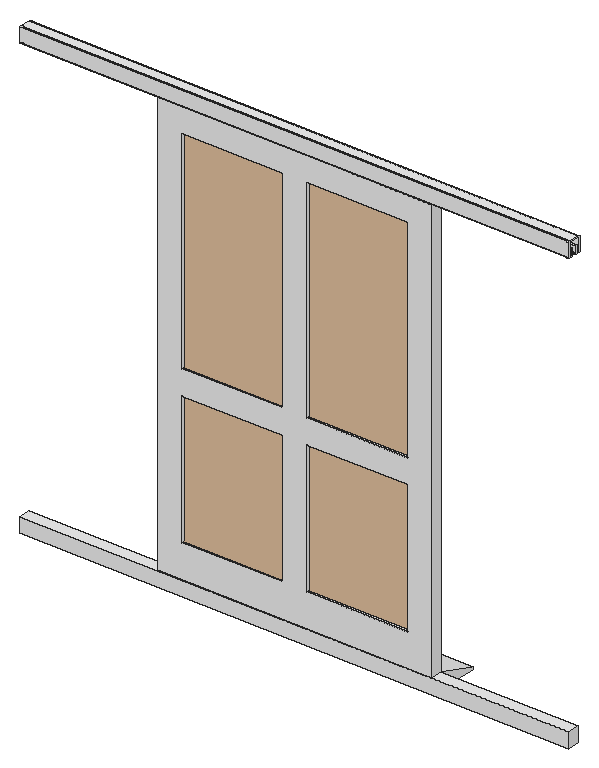
Revit family
Parameters
  Track = Steel
  Subcategory = "Barn Door"
  SmartBIM Object Version = 3  # constant formula
  SmartBIM Object Created By = "SMARTBIM, LLC"  # "Reed Construction Data"
  Slat Width = 0' - 2"
  Panel = Cherry Wood
  Manufacturer = "SMARTBIM"
  Half Width Of Door = Width / 2  # 2' - 6"
  Vertical Stile = 0' - 5 1/4"
  Top Rail = 0' - 5 1/4"
  Thickness = 0' - 0"
  Rough Height = 0' - 0"
  Interior Style and Rail = 0' - 5 1/4"
  Height = 8' - 0"
  Wall Closure = (empty or 0)
  Width = 5' - 0"
  Sliding Track Height = 0' - 3 9/32"
  Sliding Track Depth = 0' - 2 13/16"
  Function = (empty or 0)
  Frame = Steel
  Door Thickness = 0' - 2 1/4"
  Bottom Rail = 0' - 7 1/4"
  Slat Panel Thickness = 0' - 1 1/8"
  Assembly Code = "B2030230"
  95 CSI = "08000"
  04 CSI = "08 00 00"
Reference planes (in)
  plane 1 "Center (Front/Back)": y = -0.71972
  plane 2 "Center (Left/Right)": x = 0
  plane 3 "Left": x = -30
  plane 4 "Right": x = 30
  plane 5 "Top": z = 96
  plane 6: z = 10.53125
  plane 7: z = 90.75
  plane 8: x = 24.75
  plane 9: x = -24.75
  plane 10: z = 42
  plane 11: z = 44.625
  plane 12: z = 39.375
  plane 13: z = 99.28125
  plane 14: y = 5.09278
  plane 15: y = 2.28028
  plane 16: y = 4.53028
  plane 17: y = 3.40528
  plane 18: y = 2.84278
  plane 19: y = 3.96778
  plane 20: x = 60
  plane 21: x = -60
  plane 22: z = 3.28125
  plane 23: x = -12.375
  plane 24: x = 12.375
Forms (in)
  Extrusion 1, solid, material "Steel" <- "Frame"
    sketch origin (-38.33282, 3.40528, 48) x (-1, 0, 0) y (0, 0, 1)
      loop
        line (-68.33282, 48) -> (-68.33282, -44.71875) -> (-8.33282, -44.71875) -> (-8.33282, 48) -> (-68.33282, 48)
      loop
        line (-63.08282, 42.75) -> (-63.08282, -3.375) -> (-40.95782, -3.375) -> (-40.95782, 42.75) -> (-63.08282, 42.75)
      loop
        line (-13.58282, -3.375) -> (-13.58282, 42.75) -> (-35.70782, 42.75) -> (-35.70782, -3.375) -> (-13.58282, -3.375)
      loop
        line (-63.08282, -8.625) -> (-63.08282, -37.46875) -> (-40.95782, -37.46875) -> (-40.95782, -8.625) -> (-63.08282, -8.625)
      loop
        line (-13.58282, -37.46875) -> (-13.58282, -8.625) -> (-35.70782, -8.625) -> (-35.70782, -37.46875) -> (-13.58282, -37.46875)
    from -1.125 to 1.33711
  Extrusion 2, solid, material "Steel" <- "Track"
    sketch origin (-30, 0, 0) x (0, -1, 0) y (0, 0, 1)
      loop
        line (-5.09278, 99.15625) -> (-5.09278, 96.125)
        arc (-5.09278, 96.125) -> (-5.05617, 96.03661) -> (-4.96778, 96) r 0.125
        line (-4.96778, 96) -> (-4.34278, 96)
        arc (-4.34278, 96) -> (-4.25439, 96.03661) -> (-4.21778, 96.125) r 0.125
        line (-4.21778, 96.125) -> (-4.21778, 97.64533) -> (-4.34278, 97.64533) -> (-4.34278, 96.25)
        arc (-4.34278, 96.25) -> (-4.37939, 96.16161) -> (-4.46778, 96.125) r 0.125
        line (-4.46778, 96.125) -> (-4.84278, 96.125)
        arc (-4.84278, 96.125) -> (-4.93117, 96.16161) -> (-4.96778, 96.25) r 0.125
        line (-4.96778, 96.25) -> (-4.96778, 99.03125)
        arc (-4.96778, 99.03125) -> (-4.93117, 99.11964) -> (-4.84278, 99.15625) r 0.125
        line (-4.84278, 99.15625) -> (-2.53028, 99.15625)
        arc (-2.53028, 99.15625) -> (-2.44189, 99.11964) -> (-2.40528, 99.03125) r 0.125
        line (-2.40528, 99.03125) -> (-2.40528, 96.25)
        arc (-2.40528, 96.25) -> (-2.44189, 96.16161) -> (-2.53028, 96.125) r 0.125
        line (-2.53028, 96.125) -> (-2.90528, 96.125)
        arc (-2.90528, 96.125) -> (-2.99367, 96.16161) -> (-3.03028, 96.25) r 0.125
        line (-3.03028, 96.25) -> (-3.03028, 97.64533) -> (-3.15528, 97.64533) -> (-3.15528, 96.125)
        arc (-3.15528, 96.125) -> (-3.11867, 96.03661) -> (-3.03028, 96) r 0.125
        line (-3.03028, 96) -> (-2.40528, 96)
        arc (-2.40528, 96) -> (-2.31689, 96.03661) -> (-2.28028, 96.125) r 0.125
        line (-2.28028, 96.125) -> (-2.28028, 99.15625)
        arc (-2.28028, 99.15625) -> (-2.31689, 99.24464) -> (-2.40528, 99.28125) r 0.125
        line (-2.40528, 99.28125) -> (-4.96778, 99.28125)
        arc (-4.96778, 99.28125) -> (-5.05617, 99.24464) -> (-5.09278, 99.15625) r 0.125
    from -90 to 30
  Extrusion 3, solid, material "Steel" <- "Track"
    sketch origin (30, 0, 0) x (0, -1, 0) y (0, 0, 1)
      loop
        line (-2.28028, 0) -> (-2.28028, 3.28125) -> (-4.74239, 3.28125) -> (-4.74239, 0) -> (-2.28028, 0)
    from -30 to 90
  Extrusion 4, solid, material "Steel" <- "Track"
    sketch origin (-30, 0, 0) x (0, -1, 0) y (0, 0, 1)
      loop
        line (-4.74239, 0) -> (-4.74239, 3.28125) -> (-13.53028, 0.5) -> (-13.53028, 0) -> (-4.74239, 0)
    from 0 to -60
Lines and regions (in)
  Opening 1
    outline origin (-90, -3.71972, 0) x (1, 0, 0) y (0, 0, 1)
      loop
        line (60, 0) -> (120, 0) -> (120, 96) -> (60, 96) -> (60, 0)
  model lines
    curve 1: line (0, 2.28028, 96) -> (0, 2.28028, 3.28125)
    curve 2: line (0, 4.74239, 96) -> (0, 4.74239, 3.28125)
  symbolic lines, style "Elevation Swing"
    curve 3: line (24.75, -0.71972, 42) -> (6.89062, -0.71972, 42)
    curve 4: line (-24.75, -0.71972, 42) -> (-6.89062, -0.71972, 42)
    curve 16: line (-24.75, -0.71972, 42) -> (-22.62868, -0.71972, 44.12132)
    curve 17: line (-24.75, -0.71972, 42) -> (-22.62868, -0.71972, 39.87868)
    curve 18: line (24.75, -0.71972, 42) -> (22.62868, -0.71972, 44.12132)
    curve 19: line (24.75, -0.71972, 42) -> (22.62868, -0.71972, 39.87868)
  symbolic lines, style "Plan Swing"
    curve 5: line (-30, 2.28028, 0) -> (30, 2.28028, 0)
    curve 6: line (-30, 4.74239, 0) -> (-30, 2.28028, 0)
    curve 7: line (30, 4.74239, 0) -> (-30, 4.74239, 0)
    curve 8: line (30, 2.28028, 0) -> (30, 4.74239, 0)
    curve 9: line (0, 2.28028, 0) -> (0, 4.74239, 0)
    curve 10: line (-4.375, -0.71972, 0) -> (-12.375, -0.71972, 0)
    curve 11: line (-12.375, -0.71972, 0) -> (-10.25368, 1.4016, 0)
    curve 12: line (-12.375, -0.71972, 0) -> (-10.25368, -2.84104, 0)
    curve 13: line (4.375, -0.71972, 0) -> (12.375, -0.71972, 0)
    curve 14: line (12.375, -0.71972, 0) -> (10.25368, 1.4016, 0)
    curve 15: line (12.375, -0.71972, 0) -> (10.25368, -2.84104, 0)
  symbolic lines, style "Doors"
    curve 20: line (-30, 4.74239, 0) -> (-30, 13.53028, 0)
    curve 21: line (-30, 13.53028, 0) -> (30, 13.53028, 0)
    curve 22: line (30, 13.53028, 0) -> (30, 4.74239, 0)
  symbolic lines, style "Sliding Track"
    curve 23: line (60, 2.28028, 0) -> (60, 4.74239, 0)
    curve 24: line (60, 4.74239, 0) -> (-60, 4.74239, 0)
    curve 25: line (-60, 4.74239, 0) -> (-60, 2.28028, 0)
Text (in)
  text "Exterior" at (-74.96733, 27.31104, 0), in view "Ref. Level"
  text "Interior" at (-74.96733, -25.14366, 0), in view "Ref. Level"
  text "Exterior" at (0, 40.15149, 123.01588), in view "Right"
  text "Interior" at (0, -64.39139, 123.01588), in view "Right"
  text "Interior" at (0, -31.01599, 123.00693), in view "Left"
  text "Exterior" at (0, 54.57065, 123.00693), in view "Left"
Dimensions and locks (in)
  equal spacing: plane 3 "Left", plane 2 "Center (Left/Right)", plane 4 "Right"
  "Height": level to plane 5 "Top"
  equal spacing: host wall, host wall, host wall
  "Width": plane 3 "Left" to plane 4 "Right"
  "Top Rail": plane 7 to plane 5 "Top"
  "Vertical Stile": plane 8 to plane 4 "Right"
  "Vertical Stile": plane 9 to plane 3 "Left"
  equal spacing: plane 12, plane 10, plane 11
  "Interior Style and Rail": plane 12 to plane 11
  "Vertical Stile": Extrusion 1 sketch curve to Extrusion 1 sketch curve  (x2)
  equal spacing: Extrusion 1 sketch curve, plane 2 "Center (Left/Right)", Extrusion 1 sketch curve  (x2)
  "Sliding Track Height": plane 5 "Top" to plane 13
  "Sliding Track Depth": plane 14 to plane 15
  "Door Thickness": plane 16 to plane 15
  equal spacing: plane 16, plane 17, plane 15
  equal spacing: plane 18, plane 17, plane 19
  "Slat Panel Thickness": plane 18 to plane 19
  "Half Width Of Door": plane 4 "Right" to plane 20
  "Half Width Of Door": plane 21 to plane 3 "Left"
  "Sliding Track Height": level to plane 22
  "Bottom Rail": plane 22 to plane 6
  locked: plane 23 to curve 10 at 8
  locked: curve 13 to plane 24 at 8
  locked: plane 23 to curve 11 at 2.12132
  locked: curve 14 to plane 24 at 2.12132
  equal spacing: plane 9, plane 23, plane 2 "Center (Left/Right)"
  equal spacing: plane 2 "Center (Left/Right)", plane 24, plane 8
  locked: curve 12 to curve 10 (angle 45.00°)
  locked: curve 13 to curve 15 (angle 45.00°)
  locked: curve 10 to curve 11 (angle 45.00°)
  locked: curve 14 to curve 13 (angle 45.00°)
  aligned and locked: plane 3 "Left" to Opening 1 sketch curve
  aligned and locked: Opening 1 sketch curve to plane 4 "Right"
  aligned and locked: Opening 1 sketch curve to level
  aligned and locked: plane 5 "Top" to Opening 1 sketch curve
  aligned and locked: host wall to Extrusion 1 sketch curve
  aligned and locked: Extrusion 1 sketch curve to host wall  (x2)
  aligned and locked: plane 8 to Extrusion 1 sketch curve  (x2)
  aligned and locked: plane 11 to Extrusion 1 sketch curve
  aligned and locked: Extrusion 1 sketch curve to plane 9  (x2)
  aligned and locked: Extrusion 1 sketch curve to plane 12
  aligned and locked: plane 6 to Extrusion 1 sketch curve
  aligned and locked: curve 2 to plane 2 "Center (Left/Right)"
  aligned and locked: nested 1 to plane 8
  aligned and locked: plane 5 "Top" to curve 2
  aligned and locked: plane 15 to host wall
  aligned and locked: Extrusion 1 to plane 15
  aligned and locked: plane 17 to nested 1
  aligned and locked: Extrusion 2 sketch curve to plane 14
  aligned and locked: Extrusion 2 sketch curve to plane 13
  aligned and locked: Extrusion 2 sketch curve to plane 15
  aligned and locked: Extrusion 2 sketch curve to plane 5 "Top"
  aligned and locked: Extrusion 2 sketch curve to Extrusion 2 sketch curve
  aligned and locked: Extrusion 2 to plane 20
  aligned and locked: Extrusion 2 to plane 21
  aligned and locked: plane 8 to curve 3
  aligned and locked: Extrusion 1 sketch curve to plane 22
  aligned and locked: plane 6 to nested 1
  aligned and locked: plane 7 to nested 1
  aligned and locked: plane 9 to nested 1
  aligned and locked: host wall to Extrusion 3 sketch curve
  aligned and locked: Extrusion 3 sketch curve to host wall
  aligned and locked: Extrusion 3 sketch curve to curve 2
  aligned and locked: Extrusion 1 to Extrusion 3 sketch curve
  aligned and locked: Extrusion 3 to plane 21
  aligned and locked: Extrusion 2 to Extrusion 3
  aligned and locked: curve 2 to Extrusion 3
  aligned and locked: Extrusion 3 to Extrusion 4 sketch curve
  aligned and locked: Extrusion 4 sketch curve to Extrusion 3  (x2)
  aligned and locked: Extrusion 4 to host wall  (x2)
  aligned and locked: host wall to curve 5
  aligned and locked: curve 5 to Extrusion 1
  aligned and locked: curve 8 to Extrusion 1
  aligned and locked: curve 8 to Extrusion 4
  aligned and locked: curve 10 to host wall
  aligned and locked: plane 10 to curve 4
  aligned and locked: curve 3 to plane 10
  aligned and locked: curve 16 to curve 4
  aligned and locked: curve 18 to curve 3
  aligned and locked: Extrusion 3 to Extrusion 1
  aligned and locked: Extrusion 1 to plane 5 "Top"
  aligned and locked: curve 21 to Extrusion 4
  aligned and locked: curve 22 to Extrusion 4
  aligned and locked: curve 23 to Extrusion 3  (x2)
  aligned and locked: curve 24 to Extrusion 3
  aligned and locked: curve 25 to Extrusion 3
Automatic sketch dimensions
  Extrusion 1 sketch curve to plane 6 = 0' - 0"
  Extrusion 1 sketch curve to plane 12 = 0' - 0"
  Extrusion 1 sketch curve to plane 11 = 0' - 0"
  Extrusion 1 sketch curve to plane 7 = 0' - 0"  (x2)
  plane 2 "Center (Left/Right)" to curve 3 = 0' - 6 57/64"
  curve 4 to plane 2 "Center (Left/Right)" = 0' - 6 57/64"
  curve 2 to Extrusion 1 = 0' - 0"
  Extrusion 2 sketch curve to plane 5 "Top" = 0' - 0"
  plane 14 to Extrusion 2 sketch curve = 0' - 0 1/8"  (x2)
  Extrusion 2 sketch curve to plane 13 = 0' - 0 1/8"  (x2)
  Extrusion 2 sketch curve to Extrusion 2 sketch curve = 0' - 0 1/8"  (x7)
  Extrusion 2 sketch curve to plane 16 = 0' - 0 1/16"
  Extrusion 2 sketch curve to plane 5 "Top" = 0' - 0 1/8"  (x2)
  Extrusion 2 sketch curve to plane 17 = 0' - 0 1/4"
  plane 18 to Extrusion 2 sketch curve = 0' - 0 1/16"
  host wall to Extrusion 2 sketch curve = 0' - 0 1/4"  (x2)
  host wall to Extrusion 2 sketch curve = 0' - 0 1/8"  (x2)
  Extrusion 2 sketch curve to Extrusion 2 sketch curve = 0' - 0"
  Extrusion 2 sketch curve to Extrusion 2 sketch curve = 0' - 1.39533"
  curve 1 to plane 2 "Center (Left/Right)" = 0' - 0"
  curve 1 to plane 22 = 0' - 0"
  curve 1 to plane 5 "Top" = 0' - 0"
  Extrusion 4 sketch curve to plane 22 = 0' - 0"
  level to Extrusion 4 sketch curve = 0' - 0 1/2"
  Extrusion 4 sketch curve to plane 14 = 0' - 8 7/16"
  curve 4 to plane 9 = 0' - 0"
  curve 17 to plane 9 = 0' - 0"
  curve 19 to plane 8 = 0' - 0"
  curve 17 to plane 12 = 0' - 0.50368"
  plane 9 to curve 17 = 0' - 2.12132"
  curve 16 to plane 11 = 0' - 0.50368"
  curve 18 to plane 11 = 0' - 0.50368"
  plane 8 to curve 18 = 0' - 2.12132"
  curve 19 to plane 12 = 0' - 0.50368"
  curve 9 to plane 2 "Center (Left/Right)" = 0' - 0"
  curve 13 to host wall = 0' - 0"
  curve 25 to host wall = 0' - 0"
Nested families (in)
  nested 1: "Panel-Generic_Vertical-Slats" at (-24.75, 10.84278, 10.53125), Material <- "Panel", type "Panel-Generic"
    with Width 4' - 1 1/2", Thickness 0' - 1 1/8", Slat Space 3' - 9 1/2", Material Cherry Wood, Height 6' - 8 7/32", # of Slats 23
Definition of nested family "Panel-Generic_Vertical-Slats"
  Parameters (values of type "Panel-Generic")
    Width [instance] = 4' - 0"
    Thickness [instance] = 0' - 3"
    Slat Space [instance] = Width - 2 * Slat Width  # 3' - 8"
    Slat Width = 0' - 2"
    Material [instance] = Cherry Wood
    Height [instance] = 3' - 0"
    Assembly Code = ""
    # of Slats [instance] = Slat Space / Slat Width  # 22
  Reference planes (in)
    plane 1 "Edge 2": y = -8
    plane 2 "Panel Bottom": z = 0
    plane 3 "Left": x = 0
    plane 4 "Right": x = 48
    plane 5 "Edge 1": y = -5
    plane 6 "Top": z = 36
    plane 7 "Centerline": y = -6.5
    plane 8 "Bottom": z = 0
    plane 9 "Vertical Centerline": y = -6.5
    plane 10 "Width Centerline": x = 24
  Forms (in)
    Extrusion 1, solid, material "Cherry Wood" <- "Material"
      sketch origin (0, -8, 0) x (1, 0, 0) y (0, 0, 1)
        loop
          line (0, 36) -> (0, 0) -> (48, 0) -> (48, 36) -> (0, 36)
      from 0 to -3
  Dimensions and locks (in)
    "Width": plane 3 "Left" to plane 4 "Right"
    "Thickness": plane 1 "Edge 2" to plane 5 "Edge 1"
    equal spacing: plane 1 "Edge 2", plane 7 "Centerline", plane 5 "Edge 1"
    equal spacing: plane 1 "Edge 2", plane 9 "Vertical Centerline", plane 5 "Edge 1"
    "Height": plane 6 "Top" to plane 8 "Bottom"
    equal spacing: plane 3 "Left", plane 10 "Width Centerline", plane 4 "Right"
    "Slat Width": plane 4 "Right" to nested 1
    equal spacing: group 2, group 28, group 27, group 26, group 25, group 24, group 23, group 22, group 21, group 20, group 19, group 18, group 17, group 16, group 15, group 14, group 13, group 6, group 5, group 4, group 3, group 1
    equal spacing: group 1, group 3, group 4, group 5, group 6, group 13, group 14, group 15, group 16, group 17, group 18, group 19, group 20, group 21, group 22, group 23, group 24, group 25, group 26, group 27, group 28, group 2  (x2)
    "Slat Width": nested 2 to plane 3 "Left"
    "Slat Space": nested 1 to nested 2
    "Slat Width": nested 7 to plane 3 "Left"
    equal spacing: group 7, group 9, group 10, group 11, group 12, group 29, group 30, group 31, group 32, group 33, group 34, group 35, group 36, group 37, group 38, group 39, group 40, group 41, group 42, group 43, group 44, group 8  (x3)
    "Slat Width": plane 4 "Right" to nested 8
    "Slat Space": nested 8 to nested 7
    aligned and locked: Extrusion 1 sketch curve to plane 3 "Left"
    aligned and locked: Extrusion 1 sketch curve to plane 4 "Right"
    aligned and locked: Extrusion 1 to plane 3 "Left"
    aligned and locked: Extrusion 1 to plane 5 "Edge 1"
    aligned and locked: plane 1 "Edge 2" to Extrusion 1
    aligned and locked: plane 6 "Top" to Extrusion 1  (x2)
    aligned and locked: plane 8 "Bottom" to level
    aligned and locked: Extrusion 1 to plane 8 "Bottom"
    aligned and locked: level to nested 1
    aligned and locked: plane 6 "Top" to nested 1
    aligned and locked: level to nested 2
    aligned and locked: plane 5 "Edge 1" to nested 7
    aligned and locked: level to nested 7
    aligned and locked: level to nested 8
    aligned and locked: plane 5 "Edge 1" to nested 8
  Automatic sketch dimensions
    level to Extrusion 1 sketch curve = 0' - 0"
    plane 6 "Top" to Extrusion 1 sketch curve = 0' - 0"
  Nested families (in)
    nested 1: "ModelLine_Parametric" at (45.5, -8, 0), Height <- "Height", type "ModelLine_Parametric"
      with Height 3' - 0"
    nested 2: "ModelLine_Parametric" at (1.5, -8, 0), Height <- "Height", type "ModelLine_Parametric"
      with Height 3' - 0"
    nested 3: "ModelLine_Parametric" at (43.40476, -8, 0), Height <- "Height", type "ModelLine_Parametric"
      with Height 3' - 0"
    nested 4: "ModelLine_Parametric" at (41.30952, -8, 0), Height <- "Height", type "ModelLine_Parametric"
      with Height 3' - 0"
    nested 5: "ModelLine_Parametric" at (39.21429, -8, 0), Height <- "Height", type "ModelLine_Parametric"
      with Height 3' - 0"
    nested 6: "ModelLine_Parametric" at (37.11905, -8, 0), Height <- "Height", type "ModelLine_Parametric"
      with Height 3' - 0"
    nested 7: "ModelLine_Parametric" at (1.5, -5, 0), Height <- "Height", type "ModelLine_Parametric"
      with Height 3' - 0"
    nested 8: "ModelLine_Parametric" at (45.5, -5, 0), Height <- "Height", type "ModelLine_Parametric"
      with Height 3' - 0"
    nested 9: "ModelLine_Parametric" at (3.59524, -5, 0), Height <- "Height", type "ModelLine_Parametric"
      with Height 3' - 0"
    nested 10: "ModelLine_Parametric" at (5.69048, -5, 0), Height <- "Height", type "ModelLine_Parametric"
      with Height 3' - 0"
    nested 11: "ModelLine_Parametric" at (7.78571, -5, 0), Height <- "Height", type "ModelLine_Parametric"
      with Height 3' - 0"
    nested 12: "ModelLine_Parametric" at (9.88095, -5, 0), Height <- "Height", type "ModelLine_Parametric"
      with Height 3' - 0"
    nested 13: "ModelLine_Parametric" at (35.02381, -8, 0), Height <- "Height", type "ModelLine_Parametric"
      with Height 3' - 0"
    nested 14: "ModelLine_Parametric" at (32.92857, -8, 0), Height <- "Height", type "ModelLine_Parametric"
      with Height 3' - 0"
    nested 15: "ModelLine_Parametric" at (30.83333, -8, 0), Height <- "Height", type "ModelLine_Parametric"
      with Height 3' - 0"
    nested 16: "ModelLine_Parametric" at (28.7381, -8, 0), Height <- "Height", type "ModelLine_Parametric"
      with Height 3' - 0"
    nested 17: "ModelLine_Parametric" at (26.64286, -8, 0), Height <- "Height", type "ModelLine_Parametric"
      with Height 3' - 0"
    nested 18: "ModelLine_Parametric" at (24.54762, -8, 0), Height <- "Height", type "ModelLine_Parametric"
      with Height 3' - 0"
    nested 19: "ModelLine_Parametric" at (22.45238, -8, 0), Height <- "Height", type "ModelLine_Parametric"
      with Height 3' - 0"
    nested 20: "ModelLine_Parametric" at (20.35714, -8, 0), Height <- "Height", type "ModelLine_Parametric"
      with Height 3' - 0"
    nested 21: "ModelLine_Parametric" at (18.2619, -8, 0), Height <- "Height", type "ModelLine_Parametric"
      with Height 3' - 0"
    nested 22: "ModelLine_Parametric" at (16.16667, -8, 0), Height <- "Height", type "ModelLine_Parametric"
      with Height 3' - 0"
    nested 23: "ModelLine_Parametric" at (14.07143, -8, 0), Height <- "Height", type "ModelLine_Parametric"
      with Height 3' - 0"
    nested 24: "ModelLine_Parametric" at (11.97619, -8, 0), Height <- "Height", type "ModelLine_Parametric"
      with Height 3' - 0"
    nested 25: "ModelLine_Parametric" at (9.88095, -8, 0), Height <- "Height", type "ModelLine_Parametric"
      with Height 3' - 0"
    nested 26: "ModelLine_Parametric" at (7.78571, -8, 0), Height <- "Height", type "ModelLine_Parametric"
      with Height 3' - 0"
    nested 27: "ModelLine_Parametric" at (5.69048, -8, 0), Height <- "Height", type "ModelLine_Parametric"
      with Height 3' - 0"
    nested 28: "ModelLine_Parametric" at (3.59524, -8, 0), Height <- "Height", type "ModelLine_Parametric"
      with Height 3' - 0"
    nested 29: "ModelLine_Parametric" at (11.97619, -5, 0), Height <- "Height", type "ModelLine_Parametric"
      with Height 3' - 0"
    nested 30: "ModelLine_Parametric" at (14.07143, -5, 0), Height <- "Height", type "ModelLine_Parametric"
      with Height 3' - 0"
    nested 31: "ModelLine_Parametric" at (16.16667, -5, 0), Height <- "Height", type "ModelLine_Parametric"
      with Height 3' - 0"
    nested 32: "ModelLine_Parametric" at (18.2619, -5, 0), Height <- "Height", type "ModelLine_Parametric"
      with Height 3' - 0"
    nested 33: "ModelLine_Parametric" at (20.35714, -5, 0), Height <- "Height", type "ModelLine_Parametric"
      with Height 3' - 0"
    nested 34: "ModelLine_Parametric" at (22.45238, -5, 0), Height <- "Height", type "ModelLine_Parametric"
      with Height 3' - 0"
    nested 35: "ModelLine_Parametric" at (24.54762, -5, 0), Height <- "Height", type "ModelLine_Parametric"
      with Height 3' - 0"
    nested 36: "ModelLine_Parametric" at (26.64286, -5, 0), Height <- "Height", type "ModelLine_Parametric"
      with Height 3' - 0"
    nested 37: "ModelLine_Parametric" at (28.7381, -5, 0), Height <- "Height", type "ModelLine_Parametric"
      with Height 3' - 0"
    nested 38: "ModelLine_Parametric" at (30.83333, -5, 0), Height <- "Height", type "ModelLine_Parametric"
      with Height 3' - 0"
    nested 39: "ModelLine_Parametric" at (32.92857, -5, 0), Height <- "Height", type "ModelLine_Parametric"
      with Height 3' - 0"
    nested 40: "ModelLine_Parametric" at (35.02381, -5, 0), Height <- "Height", type "ModelLine_Parametric"
      with Height 3' - 0"
    nested 41: "ModelLine_Parametric" at (37.11905, -5, 0), Height <- "Height", type "ModelLine_Parametric"
      with Height 3' - 0"
    nested 42: "ModelLine_Parametric" at (39.21429, -5, 0), Height <- "Height", type "ModelLine_Parametric"
      with Height 3' - 0"
    nested 43: "ModelLine_Parametric" at (41.30952, -5, 0), Height <- "Height", type "ModelLine_Parametric"
      with Height 3' - 0"
    nested 44: "ModelLine_Parametric" at (43.40476, -5, 0), Height <- "Height", type "ModelLine_Parametric"
      with Height 3' - 0"
  Definition of nested family "ModelLine_Parametric"
    Parameters
      Height [instance] = 1' - 0"
    Reference planes (in)
      plane 1 "Center (Front/Back)": y = 0
      plane 2: z = 0
      plane 3 "Center (Left/Right)": x = 0.5
      plane 4 "Back": y = 11
      plane 5 "Front": y = -11
      plane 6 "Left": x = -11.5
      plane 7 "Right": x = 12.5
      plane 8 "Top": z = 12
    Lines and regions (in)
      model lines
        curve 1: line (0.5, 0, 12) -> (0.5, 0, 0)
    Dimensions and locks (in)
      "Height": plane 8 "Top" to plane 2
      aligned and locked: curve 1 to plane 3 "Center (Left/Right)"
      aligned and locked: plane 8 "Top" to curve 1
      aligned and locked: level to curve 1
      aligned and locked: plane 1 "Center (Front/Back)" to curve 1
